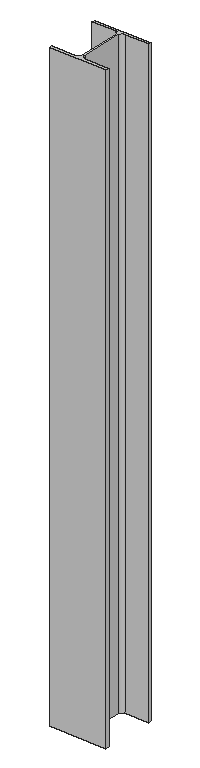
Revit family "W-Wide Flange-Column", category Structural Columns, Revit 2018
Family settings
  Section Shape = Not Defined
  Material for Model Behavior = Steel
  Always export as geometry = No
  Beam cutback in plan = From bounding box
  OmniClass Number = 23.25.30.11.14.11
  OmniClass Title = Columns
  Cut with Voids When Loaded = No
  Symbolic Representation = From Project Settings
  Shared = No
  Show family pre-cut in plan views = Yes
Parameters (values of type "W10X49")
  W = 49
  Structural Material [instance] = Steel ASTM A992
  Assembly Code = "B10"
  bf = 0' - 10"
  d = 0' - 9 251/256"
  k = 0' - 1 1/4"
  kr = k - tf  # 0' - 0 177/256"
  tf = 0' - 0 143/256"
  tw = 0' - 0 87/256"
  A = 14.40 in²
Types (2): name | W | bf | d | k | tf | tw | A
  W10X49 | 49 | 0' - 10" | 0' - 9 251/256" | 0' - 1 1/4" | 0' - 0 143/256" | 0' - 0 87/256" | 14.40 in²
  W10X33 | 33 | 0' - 7 123/128" | 0' - 9 187/256" | 0' - 1 1/8" | 0' - 0 111/256" | 0' - 0 37/128" | 10.08 in²
Reference planes (in)
  plane 1: y = 0
  plane 2: z = 0
  plane 3: x = 0
  plane 4: x = -5
  plane 5: x = 5
  plane 6: y = 4.99023
  plane 7: y = -4.99023
  plane 8: x = -0.15625
  plane 9: x = 0.15625
Forms (in)
  Extrusion 1, solid, material "Steel ASTM A992" <- "Structural Material", detail levels medium
    sketch origin (0, 0, 0) x (1, 0, 0) y (0, 1, 0)
      loop
        line (-5, 4.99023) -> (-5, 4.43164) -> (-0.16992, 4.43164) -> (-0.16992, -4.43164) -> (-5, -4.43164) -> (-5, -4.99023) -> (5, -4.99023) -> (5, -4.43164) -> (0.16992, -4.43164) -> (0.16992, 4.43164) -> (5, 4.43164) -> (5, 4.99023) -> (-5, 4.99023)
    from 0 to 108
  Extrusion 2, solid, material "Steel ASTM A992" <- "Structural Material", detail levels fine
    sketch origin (0, 0, 0) x (1, 0, 0) y (0, 1, 0)
      loop
        line (-5, 4.99023) -> (-5, 4.43164) -> (-0.86133, 4.43164)
        arc (-0.86133, 4.43164) -> (-0.37243, 4.22913) -> (-0.16992, 3.74023) r 0.69141
        line (-0.16992, 3.74023) -> (-0.16992, -3.74023)
        arc (-0.16992, -3.74023) -> (-0.37243, -4.22913) -> (-0.86133, -4.43164) r 0.69141
        line (-0.86133, -4.43164) -> (-5, -4.43164) -> (-5, -4.99023) -> (5, -4.99023) -> (5, -4.43164) -> (0.86133, -4.43164)
        arc (0.86133, -4.43164) -> (0.37243, -4.22913) -> (0.16992, -3.74023) r 0.69141
        line (0.16992, -3.74023) -> (0.16992, 3.74023)
        arc (0.16992, 3.74023) -> (0.37243, 4.22913) -> (0.86133, 4.43164) r 0.69141
        line (0.86133, 4.43164) -> (5, 4.43164) -> (5, 4.99023) -> (-5, 4.99023)
    from 0 to 108
Lines and regions (in)
  symbolic lines, style "StructuralColumnStickSymbols", detail levels coarse
    curve 1: line (-5, 4.99023, 0) -> (5, 4.99023, 0)
    curve 2: line (-5, -4.99023, 0) -> (5, -4.99023, 0)
    curve 3: line (0, 4.99023, 0) -> (0, -4.99023, 0)
  symbolic lines, style "Hidden Faces", detail levels medium+fine
    curve 4: line (-0.15625, 0, 0) -> (-0.15625, 0, 108)
    curve 5: line (0.15625, 0, 108) -> (0.15625, 0, 0)
Dimensions and locks (in)
  equal spacing: plane 4, plane 3, plane 5
  equal spacing: plane 7, plane 1, plane 6
  "d": plane 7 to plane 6
  "bf": plane 4 to plane 5
  "tf": plane 7 to Extrusion 1 sketch curve
  "tf": Extrusion 1 sketch curve to plane 6
  equal spacing: Extrusion 1 sketch curve, plane 3, Extrusion 1 sketch curve
  "tw": Extrusion 1 sketch curve to Extrusion 1 sketch curve
  "kr": radius of Extrusion 2 sketch curve  (x4)
  aligned and locked: plane 6 to Extrusion 1 sketch curve
  aligned and locked: Extrusion 1 sketch curve to plane 7
  aligned and locked: Extrusion 1 sketch curve to plane 4  (x2)
  aligned and locked: plane 5 to Extrusion 1 sketch curve  (x2)
  aligned and locked: Extrusion 1 sketch curve to Extrusion 1 sketch curve  (x2)
  aligned and locked: level to Extrusion 1
  aligned and locked: level to plane 2
  aligned and locked: Extrusion 1 to plane 2
  aligned and locked: plane 6 to Extrusion 2 sketch curve
  aligned and locked: plane 5 to Extrusion 2 sketch curve  (x2)
  aligned and locked: Extrusion 2 sketch curve to plane 4  (x2)
  aligned and locked: Extrusion 2 sketch curve to Extrusion 1  (x6)
  aligned and locked: Extrusion 2 sketch curve to plane 7
  aligned and locked: level to Extrusion 2
  aligned and locked: Extrusion 2 to level
Automatic sketch dimensions
  curve 2 to plane 4 = 0' - 0"
  curve 1 to plane 4 = 0' - 0"
  curve 3 to plane 3 = 0' - 0"
  curve 2 to plane 5 = 0' - 0"
  curve 1 to plane 5 = 0' - 0"
  curve 3 to plane 7 = 0' - 0"
  curve 3 to plane 6 = 0' - 0"
  curve 4 to level = 0' - 0"  (x2)
  curve 4 to plane 8 = 0' - 0"
  curve 5 to level = 0' - 0"  (x2)
  curve 5 to plane 9 = 0' - 0"
